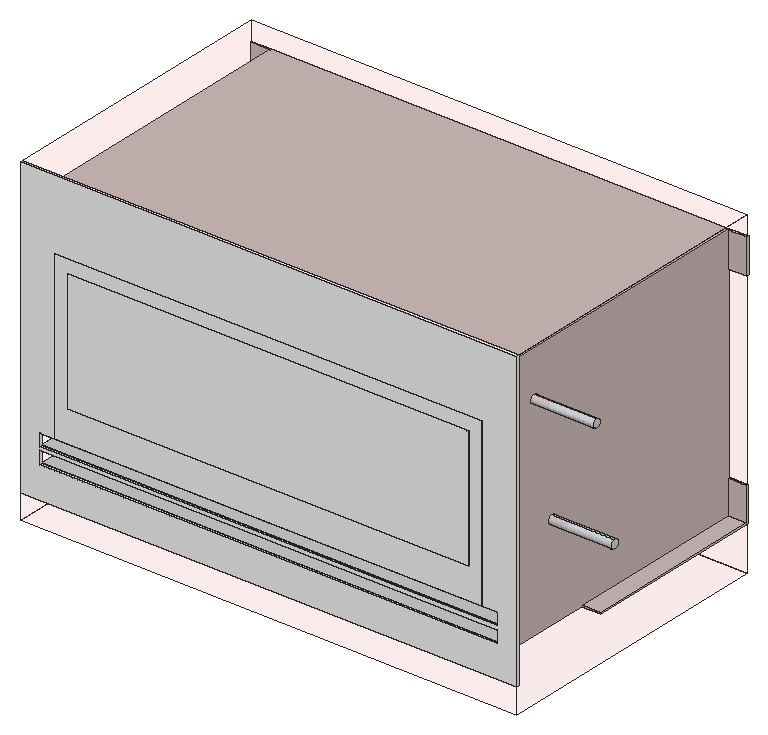
Revit family "Air-Curtain_Vestibule-Except_PoweredAire_CHA-HWST", category Mechanical Equipment, host Face, Revit 2017
Family settings
  Host = Face
  Round Connector Dimension = Use Diameter
  Part Type = Normal
  OmniClass Number = 23.75.35.17.21
  OmniClass Title = Air Curtains
  Cut with Voids When Loaded = No
  Shared = No
  Room Calculation Point = No
Parameters
  upperpiperotation [instance] = if(Upper Pipe Connection Side A, 0.00°, 180.00°)  # 0.00°
  lowerpiperotation [instance] = if(Lower Pipe Connection Side A, 0.00°, 180.00°)  # 0.00°
  locateupperpipe [instance] = if(Upper Pipe Connection Side A, 0' 0", Nozzle Width)  # 0' - 0"
  locatelowerpipe [instance] = if(Lower Pipe Connection Side A, 0' 0", Nozzle Width)  # 0' - 0"
  Warranty Duration (Years) = 0
  Upper Pipe Connection Side A [instance] = yes
  Unit Width Notes = "Other Widths available."  # constant formula
  Unit Width = 3' - 3"
  Unit Weight = 0
  Unit Height = 1' - 10 3/4"
  Unit Depth = 1' - 11 1/4"
  URL = "http://www.poweredaire.com/"
  Test Data = ""
  Standards Conformance = "as Specified"
  Specification = "http://www.arcat.com/sdspecs/htm04/23_34_33pai.htm"
  SpecWizard = ""
  Sound Pressure = "as Specified"
  Sales Information = "http://www.poweredaire.com/contact_us"
  Revision = "R1_2016-08"
  Projection from Host [instance] = 0' - 2"
  Product Properties = ""
  Product Data = "http://www.arcat.com/arcatcos/cos47/arc47623.html"
  Power Rating = 0 W
  Piping_Water Flow [instance] = 0 GPM
  Piping_Operating Pressure [instance] = 0.00 psi
  Piping_Exit Temperature [instance] = 0 °F
  Piping_Entry Temperature [instance] = 0 °F
  Pipe OD [instance] = 5/8"
  Nozzle Width = if(1 = 1, Unit Width - 0' 3", 0' 0")  # 3' - 0"
  Mounting Width = if(1 = 1, Unit Width - 0' 1 1/2", 0' 0")  # 3' - 1 1/2"
  Mounting Height [instance] = 3' - 6"
  Motor RPM = 0
  Motor HP = 0
  Motor Count = 0
  Model = "As Specified"
  Max Height = 0' - 0"
  Manufacturer Website = "http://www.poweredaire.com/"
  Manufacturer Phone - Toll Free = "888-321-2473"
  Manufacturer Phone = "724-588-3305"
  Manufacturer Fax = "724-588-3371"
  Manufacturer Address = "109 Mortensen Rd.  Greenville, PA 16125"
  Manufacturer = "Powered Aire, Inc"
  Maintenance Schedule (Months) = 0
  Lower Pipe Connection Side A [instance] = yes
  Keynote = "23 34 33"
  Installation-Fabrication = ""
  Installation Phase = ""
  Include Clearance [instance] = yes
  Heating Element Load = 0 W
  HVAC_Temperature Rise = 0 °F
  HVAC_Outlet Volume = 0 CFM
  HVAC_Outlet Velocity Uniformity = 0
  HVAC_Outlet Velocity = 0 FPM
  HVAC_BTU Input = 0.0 Btu/h
  Green Building-LEED = "http://www.arcat.com/green/clients/leed_data_47623.html"
  Front Grating Material [instance] = Metal - Steel - PoweredAire - White Perforated
  Frame Finish [instance] = Metal - Steel - PoweredAire - Stainless 304
  Expected Lifespan (Years) = 0
  Electrical_Wattage [instance] = Power Rating + Heating Element Load  # 0 W
  Electrical_Voltage [instance] = 0 V
  Electrical_Phase [instance] = 1
  Electrical_Frequency [instance] = 0 Hz
  Electrical_Amperage [instance] = 0 A
  Drawn By = "Sumex Design, Inc. / Robert S. Weygant, CSI, CDT, SCIP"
  Description = "Powered Aire Air Curtain as Specified"
  Default Elevation = 0' - 0"  # constant formula
  Cover Finish [instance] = Metal - Steel - PoweredAire - White
  Copyright = "©Arcat Inc."
  Construction Details = "http://www.arcat.com/details/powair/prod3336.html"
  Clearance_Top [instance] = 0' - 0"
  Clearance_Side B [instance] = 0' - 0"
  Clearance_Side A [instance] = 0' - 0"
  Clearance_Intake [instance] = 0' - 0"
  Clearance_Front [instance] = 0' - 0"
  Clearance Material [instance] = ARCAT Clearance
  Building Codes = ""
  Available Options [instance] = "as Specified"
  Assembly Code = "D3090400"
Reference planes (in)
  plane 1 "Center (Elevation)": y = 11.51318
  plane 2: z = 0
  plane 3 "Center (Left/Right)": x = 0
  plane 4: y = 22.88818
  plane 5: y = 0.13818
  plane 6: x = -19.5
  plane 7: x = 19.5
  plane 8: z = 25.25
  plane 9 "FF": y = -41.86182
  plane 10: z = 2
  plane 11: x = 18
  plane 12: x = -18
  plane 13: y = 22.88818
  plane 14: y = 0.13818
  plane 15: x = -19.5
  plane 16: x = 19.5
  plane 17: z = 25.25
  plane 18: y = 0.38818
  plane 19: x = 18
  plane 20: x = 18
  plane 21: z = 20.25
  plane 22: z = 11
Forms (in)
  Extrusion 1, solid, material "ARCAT Clearance" <- "Clearance Material", visible <- "Include Clearance"
    sketch origin (0, 0, 0) x (0, 1, 0) y (0, 0, 1)
      loop
        line (0.13818, 25.25) -> (0.13818, 0) -> (22.88818, 0) -> (22.88818, 25.25) -> (0.13818, 25.25)
    from -19.5 to 19.5
  Extrusion 2, solid, material "Metal - Steel - PoweredAire - White" <- "Cover Finish"
    sketch origin (0, 11.51318, 0) x (1, 0, 0) y (0, 0, 1)
      loop
        line (-19.5, 25.25) -> (-19.5, 2) -> (19.5, 2) -> (19.5, 25.25) -> (-19.5, 25.25)
    from 11.125 to 11.375
  Extrusion 3, solid, material "Metal - Steel - PoweredAire - Stainless 304" <- "Frame Finish"
    sketch origin (0, 11.51318, 0) x (1, 0, 0) y (0, 0, 1)
      loop
        line (18, 23.75) -> (-18, 23.75) -> (-18, 3.5) -> (18, 3.5) -> (18, 23.75)
    from -11.375 to 11.125
  Extrusion 4, void
    sketch origin (0, 0, 0) x (0, 1, 0) y (0, 0, 1)
      loop
        line (0.13818, 5.5) -> (0.13818, 4.5) -> (1.88818, 4.5) -> (1.88818, 6.75) -> (0.13818, 6.75) -> (0.13818, 5.75) -> (1.63818, 5.75) -> (1.63818, 5.5) -> (0.13818, 5.5)
    from -18 to 18
  Extrusion 5, solid, material "Metal - Steel - PoweredAire - White" <- "Cover Finish"
    sketch origin (-11.83813, 0.13818, 48) x (-1, 0, 0) y (0, 0, 1)
      loop
        line (4.91187, -41.25) -> (4.91187, -28.25) -> (-28.58813, -28.25) -> (-28.58813, -41.25) -> (4.91187, -41.25)
    from 0 to -0.03125
  Extrusion 6, solid, material "Metal - Steel - PoweredAire - White Perforated" <- "Front Grating Material"
    sketch origin (-11.83813, 0.10693, 48) x (1, 0, 0) y (0, 0, 1)
      loop
        line (-3.91187, -29.25) -> (-3.91187, -38.75) -> (27.58813, -38.75) -> (27.58813, -29.25) -> (-3.91187, -29.25)
    from 0 to 0.03125
  Extrusion 7, solid, material "Metal - Steel - PoweredAire - Stainless 304" <- "Frame Finish"
    sketch origin (-15.17702, -180, 2) x (-1, 0, 0) y (0, -1, 0)
      loop
        line (-33.17702, -202.88818) -> (-33.17702, -188.38818) -> (-34.67702, -188.38818) -> (-34.67702, -202.88818) -> (-33.17702, -202.88818)
      loop
        line (2.82298, -202.88818) -> (4.32298, -202.88818) -> (4.32298, -188.38818) -> (2.82298, -188.38818) -> (2.82298, -202.88818)
    from 1.5 to 1.625
  Extrusion 8, solid, material "Metal - Steel - PoweredAire - Stainless 304" <- "Frame Finish"
    sketch origin (-11.83813, 22.88818, 48) x (-1, 0, 0) y (0, 0, 1)
      loop
        line (7.66187, -44.5) -> (7.66187, -41.75) -> (6.16187, -41.75) -> (6.16187, -44.5) -> (7.66187, -44.5)
      loop
        line (-31.33813, -44.5) -> (-29.83813, -44.5) -> (-29.83813, -41.75) -> (-31.33813, -41.75) -> (-31.33813, -44.5)
      loop
        line (7.66187, -27) -> (7.66187, -24.25) -> (6.16187, -24.25) -> (6.16187, -27) -> (7.66187, -27)
      loop
        line (-31.33813, -27) -> (-29.83813, -27) -> (-29.83813, -24.25) -> (-31.33813, -24.25) -> (-31.33813, -27)
    from 0 to -0.125
  Sweep 9, solid
    path origin (18, 11.51318, 20.25) x (1, 0, 0) y (0, 0, 1)
      loop
        line (0, 0) -> (5, 0)
    profile origin (20.5, 11.51318, 20.25) x (0, 0, 1) y (0, -1, 0)
      loop
        circle (0, 7.875) r 0.3125
  Sweep 10, solid
    path origin (18, 11.51318, 11) x (1, 0, 0) y (0, 0, 1)
      loop
        line (0, 0) -> (5, 0)
    profile origin (20.5, 11.51318, 11) x (0, 0, 1) y (0, -1, 0)
      loop
        circle (0, 6.125) r 0.3125
Cuts and joins
  Extrusion 4 cuts Extrusion 1
  Extrusion 4 cuts Extrusion 2
  Extrusion 4 cuts Extrusion 3
Lines and regions (in)
  reference lines
    curve 1: line (18, 11.51318, 20.25) -> (25.75, 11.51318, 20.25)
    curve 2: line (18, 11.51318, 11) -> (26.25, 11.51318, 11)
Dimensions and locks (in)
  equal spacing: plane 4, plane 1 "Center (Elevation)", plane 5
  "Unit Height": plane 4 to plane 5
  equal spacing: plane 6, plane 3 "Center (Left/Right)", plane 7
  "Unit Width": plane 6 to plane 7
  "Mounting Height": plane 5 to plane 9 "FF"
  "Projection from Host": plane 10 to level
  "Unit Depth": plane 8 to plane 10
  locked: plane 6 to plane 12 at 1.5
  locked: plane 11 to plane 7 at 1.5
  "Clearance_Side A": plane 7 to plane 16
  "Clearance_Side B": plane 15 to plane 6
  "Clearance_Top": plane 13 to plane 4
  "Clearance_Intake": plane 5 to plane 14
  "Clearance_Front": plane 17 to plane 8
  locked: plane 8 to Extrusion 3 sketch curve at 1.5
  locked: Extrusion 3 sketch curve to plane 10 at 1.5
  locked: plane 7 to Extrusion 3 sketch curve at 1.5
  locked: Extrusion 3 sketch curve to plane 6 at 1.5
  locked: plane 18 to plane 5 at 0.25
  Extrusion 4 sketch curve to Extrusion 4 sketch curve to Extrusion 4 sketch curve to Extrusion 4 sketch curve to plane 10 = 0' - 1" locked, 0' - 0 1/4" locked, 0' - 1" locked, 0' - 2 1/2" locked
  Extrusion 5 sketch curve to Extrusion 5 sketch curve to plane 10 = 1' - 1" locked, 0' - 4 3/4" locked
  locked: plane 11 to Extrusion 5 sketch curve at 1.25
  locked: Extrusion 5 sketch curve to plane 12 at 1.25
  Extrusion 6 sketch curve to Extrusion 6 sketch curve to plane 10 = 0' - 9 1/2" locked, 0' - 7 1/4" locked
  locked: Extrusion 6 sketch curve to plane 12 at 2.25
  locked: plane 11 to Extrusion 6 sketch curve at 2.25
  locked: plane 4 to Extrusion 7 sketch curve at 14.5  (x2)
  Extrusion 8 sketch curve to Extrusion 8 sketch curve to Extrusion 8 sketch curve to Extrusion 8 sketch curve to plane 10 = 0' - 2 3/4" locked, 1' - 2 3/4" locked, 0' - 2 3/4" locked, 0' - 1 1/2" locked  (x2)
  "locatelowerpipe": plane 19 to plane 11
  "locateupperpipe": plane 20 to plane 11
  locked: plane 8 to plane 21 at 5
  locked: plane 22 to plane 10 at 9
  locked: curve 1 to Sweep 9 sketch curve at 5
  locked: curve 1 to Sweep 9 sketch curve
  locked: curve 2 to Sweep 10 sketch curve at 5
  locked: curve 2 to Sweep 10 sketch curve
  locked: plane 5 to Sweep 9 sketch curve at 3.5
  locked: plane 5 to Sweep 10 sketch curve at 5.25
  "lowerpiperotation": angle plane 21 to curve 1
  "upperpiperotation": angle plane 22 to curve 2
  aligned and locked: plane 2 to host face
  aligned and locked: level to host face
  aligned and locked: Extrusion 1 sketch curve to plane 17
  aligned and locked: plane 14 to Extrusion 1 sketch curve
  aligned and locked: level to Extrusion 1 sketch curve
  aligned and locked: Extrusion 1 sketch curve to plane 13
  aligned and locked: plane 16 to Extrusion 1
  aligned and locked: Extrusion 1 to plane 15
  aligned and locked: Extrusion 2 sketch curve to plane 8
  aligned and locked: plane 6 to Extrusion 2 sketch curve
  aligned and locked: Extrusion 2 sketch curve to plane 10
  aligned and locked: Extrusion 2 sketch curve to plane 7
  aligned and locked: Extrusion 3 to plane 4
  aligned and locked: Extrusion 3 to plane 18
  aligned and locked: Extrusion 2 to plane 18
  aligned and locked: Extrusion 2 to plane 5
  aligned and locked: plane 11 to Extrusion 4
  aligned and locked: Extrusion 4 to plane 12
  aligned and locked: Extrusion 7 sketch curve to plane 4  (x2)
  aligned and locked: plane 20 to curve 2
  aligned and locked: plane 22 to curve 2
  aligned and locked: plane 19 to curve 1
  aligned and locked: plane 21 to curve 1
Automatic sketch dimensions
  host sketch curve to host sketch curve = 8' - 0"  (x2)
  Extrusion 4 sketch curve to plane 5 = 0' - 0"  (x2)
  plane 18 to Extrusion 4 sketch curve = 0' - 1 1/4"
  Extrusion 4 sketch curve to Extrusion 4 sketch curve = 0' - 0 1/4"
  Extrusion 7 sketch curve to plane 7 = 0' - 0"
  Extrusion 7 sketch curve to plane 11 = 0' - 0"
  Extrusion 7 sketch curve to plane 12 = 0' - 0"
  Extrusion 7 sketch curve to plane 6 = 0' - 0"
  Extrusion 8 sketch curve to plane 7 = 0' - 0"  (x2)
  Extrusion 8 sketch curve to plane 11 = 0' - 0"  (x2)
  Extrusion 8 sketch curve to plane 12 = 0' - 0"  (x2)
  Extrusion 8 sketch curve to plane 6 = 0' - 0"  (x2)
  profile plane to Sweep 9 sketch curve = 0' - 0"
  profile plane to Sweep 10 sketch curve = 0' - 0"
  radius of Sweep 9 sketch curve = 0' - 0 5/16"
  radius of Sweep 10 sketch curve = 0' - 0 5/16"
Connectors (in)
  electrical at (-18, 6.38818, 9.625), driven by "Electrical_Voltage", driven by "Electrical_Phase"
    settings: on cut or joined group of Extrusion 3, Extrusion 4, index 1, voltage 0 V, apparent load 0 VA, apparent load phase1 0 VA, apparent load phase2 0 VA, apparent load phase3 0 VA, power factor 1, load classification "Other", number of poles 1, system type 31, power factor state 1, is connector primary yes, connector utility no, sub classification motor no, connector description ""
  piping at (23, 3.63818, 20.25), diameter 0.625, driven by "Pipe OD"
    settings: on Sweep 9, index 2, connector inside diameter 24", connector length 0' - 0", flow factor 0, pipe flow 0 GPM, pressure drop 0.00 psi, fitting loss kfactor 0, connector angle 0.00°, fixture units 0, engagement length 0' - 0", angle of deflection 0.00°, flow configuration 0, flow direction 0, fitting loss method 0, system type 29, joint type 0, gender type 0, connector reference index -1, connector utility 0, adjustable connector no, is connector primary no, connector description "Define Supply or Return and Location"
  piping at (23, 5.38818, 11), diameter 0.625, driven by "Pipe OD"
    settings: on Sweep 10, index 3, connector inside diameter 24", connector length 0' - 0", flow factor 0, pipe flow 0 GPM, pressure drop 0.00 psi, fitting loss kfactor 0, connector angle 0.00°, fixture units 0, engagement length 0' - 0", angle of deflection 0.00°, flow configuration 0, flow direction 0, fitting loss method 0, system type 29, joint type 0, gender type 0, connector reference index -1, connector utility 0, adjustable connector no, is connector primary yes, connector description "Define Supply or Return and Location"
